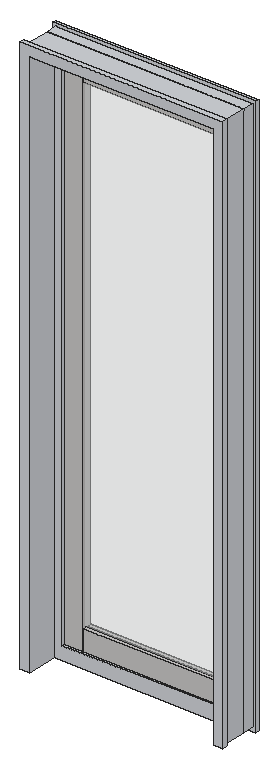
Revit family "APL Residential Thermal Heart Hinged Door Open Out", category Doors, host Wall, Revit 2017 (continued)
Definition of nested family "APL Residential Thermal Heart Hinged Door Open Out Horizontal Section"
  Definition of nested family "Open Out Jamb"
    Definition of nested family "65210_Lock Stile"
      Lines and regions (mm)
        model lines, in view "Ref. Level"
          curve 264: arc (40.478, 65.139, 0) -> (40.789, 65.098, 0) -> (41.079, 64.978, 0) r 1.2
          curve 265: arc (42.607, 64.093, 0) -> (42.704, 64.053, 0) -> (42.807, 64.039, 0) r 0.4
          curve 266: arc (43.1, 64.039, 0) -> (43.383, 64.156, 0) -> (43.5, 64.439, 0) r 0.4
          curve 267: arc (43.5, 67.839, 0) -> (43.383, 68.122, 0) -> (43.1, 68.239, 0) r 0.4
          curve 268: arc (42.807, 68.239, 0) -> (42.704, 68.225, 0) -> (42.607, 68.185, 0) r 0.4
          curve 269: arc (41.079, 67.301, 0) -> (40.785, 67.179, 0) -> (40.47, 67.139, 0) r 1.2
          curve 270: arc (40.47, 67.139, 0) -> (40.295, 67.192, 0) -> (40.184, 67.336, 0) r 0.3
          curve 271: arc (39.296, 69.776, 0) -> (39.149, 69.967, 0) -> (38.92, 70.039, 0) r 0.4
          curve 272: arc (29.48, 70.039, 0) -> (29.251, 69.967, 0) -> (29.104, 69.776, 0) r 0.4
          curve 273: arc (28.216, 67.336, 0) -> (28.105, 67.192, 0) -> (27.93, 67.139, 0) r 0.3
          curve 274: arc (27.93, 67.139, 0) -> (27.615, 67.179, 0) -> (27.321, 67.301, 0) r 1.2
          curve 275: arc (25.793, 68.185, 0) -> (25.696, 68.225, 0) -> (25.593, 68.239, 0) r 0.4
          curve 276: arc (25.3, 68.239, 0) -> (25.017, 68.122, 0) -> (24.9, 67.839, 0) r 0.4
          curve 277: line (25.3, 64.039, 0) -> (25.593, 64.039, 0)
          curve 278: line (25.793, 64.093, 0) -> (27.321, 64.978, 0)
          curve 279: line (27.922, 65.139, 0) -> (28.845, 65.139, 0)
          curve 280: line (29.784, 65.797, 0) -> (30.577, 67.976, 0)
          curve 281: line (30.953, 68.239, 0) -> (37.447, 68.239, 0)
          curve 282: line (37.823, 67.976, 0) -> (38.616, 65.797, 0)
          curve 283: line (39.555, 65.139, 0) -> (40.478, 65.139, 0)
          curve 284: line (41.079, 64.978, 0) -> (42.607, 64.093, 0)
          curve 285: line (42.807, 64.039, 0) -> (43.1, 64.039, 0)
          curve 286: line (43.5, 64.439, 0) -> (43.5, 67.839, 0)
          curve 287: line (43.1, 68.239, 0) -> (42.807, 68.239, 0)
          curve 288: line (42.607, 68.185, 0) -> (41.079, 67.301, 0)
          curve 289: line (40.184, 67.336, 0) -> (39.296, 69.776, 0)
          curve 290: line (38.92, 70.039, 0) -> (29.48, 70.039, 0)
          curve 291: line (29.104, 69.776, 0) -> (28.216, 67.336, 0)
          curve 292: line (27.321, 67.301, 0) -> (25.793, 68.185, 0)
          curve 293: line (25.593, 68.239, 0) -> (25.3, 68.239, 0)
          curve 294: line (24.9, 67.839, 0) -> (24.9, 64.439, 0)
      Text (mm)
        text "65210" at (8.097, 105.51, 0), in view "Ref. Level"
Types (2, lengths in mm): name | Rough Height | Reveal Liner | Liner | Frame Projection Ext. | Height | Architrave | 90° Opening
  Architrave | 2313 | no | 51 | 13 | 2300.5 | yes | no
  Liner | 2315 | yes | 407 | 14.3 | 2302.5 | no | yes
